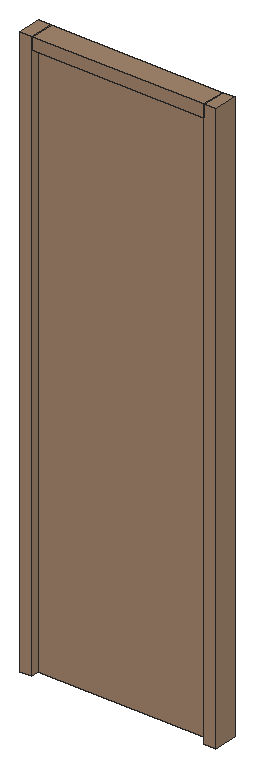
Revit family "LC Door-820x2400 - A11", category Doors, host Wall, Revit 2027
Family settings
  Host = Wall
  Always vertical = Yes
  Cut with Voids When Loaded = No
  Shared = No
  Room Calculation Point = No
Parameters (values of type "A11 nominal size")
  Function = Interior
  Frame Projection Ext. = 25 mm
  Frame Projection Int. = 25 mm
  Frame Width = 75 mm
  Height = 2400 mm  # constant formula
  Wall Closure = By host
  Width = 820 mm  # constant formula
  Description = "A07/A08 position, A11 overall sizes. Frame50x100 and glazing6mm are visual coordination profiles; manufacturer sections/glazing specification pending. Panel divisions follow schedule appearance, undimensioned divisions provisional."
Reference planes
  plane 1: y = 0
  plane 2 "Center (Left/Right)": x = 0
  plane 3 "Left": x = -410
  plane 4 "Right": x = 410
  plane 5: z = 2400
  plane 6 "Exterior": y = 75
  plane 7 "Interior": y = -75
Forms (mm)
  Extrusion 1, solid, material "LC Door timber - selected finish pending"
    sketch origin (0, 0, 0) x (1, 0, 0) y (0, 1, 0)
      loop
        line (-410, -50) -> (-360, -50) -> (-360, 50) -> (-410, 50) -> (-410, -50)
    from 0 to 2400
  Extrusion 2, solid, material "LC Door timber - selected finish pending"
    sketch origin (0, 0, 0) x (1, 0, 0) y (0, 1, 0)
      loop
        line (360, -50) -> (410, -50) -> (410, 50) -> (360, 50) -> (360, -50)
    from 0 to 2400
  Extrusion 3, solid, material "LC Door timber - selected finish pending"
    sketch origin (0, 0, 0) x (1, 0, 0) y (0, 1, 0)
      loop
        line (-360, -50) -> (360, -50) -> (360, 50) -> (-360, 50) -> (-360, -50)
    from 2350 to 2400
  Extrusion 4, solid, material "LC Door timber - selected finish pending"
    sketch origin (0, 0, 0) x (1, 0, 0) y (0, 1, 0)
      loop
        line (-358, -20) -> (358, -20) -> (358, 20) -> (-358, 20) -> (-358, -20)
    from 4 to 2350
Lines and regions (mm)
  Opening 1
    outline origin (-3050, -75, 0) x (1, 0, 0) y (0, 0, 1)
      loop
        line (2640, 0) -> (3460, 0) -> (3460, 2400) -> (2640, 2400) -> (2640, 0)
  symbolic lines, style "Elevation Swing"
    curve 1: line (410, -75, 1200) -> (-410, -75, 2400)
    curve 2: line (410, -75, 1200) -> (-410, -75, 0)
Text (mm)
  text "Exterior" at (-1376.75, 1099.543, 0), in view "Ref. Level"
  text "Exterior" at (0, 1615.38, 3698.081), in view "Left"
  text "Exterior" at (0, 1036.032, 3874.932), in view "Right"
Dimensions and locks
  equal spacing: plane 3 "Left", plane 2 "Center (Left/Right)", plane 4 "Right"
  "Width": plane 3 "Left" to plane 4 "Right"
  "Height": plane 5 to host wall
  equal spacing: host wall, curve 2, plane 5
  host wall to plane 5 = 2400 mm
  locked: plane 6 "Exterior" to host wall
  locked: plane 7 "Interior" to host wall
  aligned and locked: plane 3 "Left" to Opening 1 sketch curve
  aligned and locked: plane 5 to Opening 1 sketch curve  (x2)
  aligned and locked: Opening 1 sketch curve to plane 4 "Right"
  aligned and locked: Opening 1 sketch curve to level
  aligned and locked: plane 5 to curve 1
  aligned and locked: plane 3 "Left" to curve 2
  aligned and locked: plane 1 to host wall
  aligned and locked: plane 3 "Left" to curve 1
Automatic sketch dimensions
  plane 4 "Right" to curve 2 = 0 mm
  curve 2 to level = 0 mm
  Extrusion 1 sketch curve to plane 3 "Left" = 0 mm
  Extrusion 1 sketch curve to host wall = 25 mm  (x2)
  Extrusion 1 sketch curve to Extrusion 1 sketch curve = 50 mm
  Extrusion 2 sketch curve to plane 4 "Right" = 0 mm
  Extrusion 2 sketch curve to host wall = 25 mm  (x2)
  plane 4 "Right" to Extrusion 2 sketch curve = 50 mm
  Extrusion 3 sketch curve to host wall = 25 mm  (x2)
  Extrusion 3 sketch curve to plane 3 "Left" = 50 mm
  plane 4 "Right" to Extrusion 3 sketch curve = 50 mm
  host wall to Extrusion 4 sketch curve = 20 mm
  Extrusion 4 sketch curve to plane 3 "Left" = 52 mm
  Extrusion 4 sketch curve to host wall = 20 mm
  plane 4 "Right" to Extrusion 4 sketch curve = 52 mm
